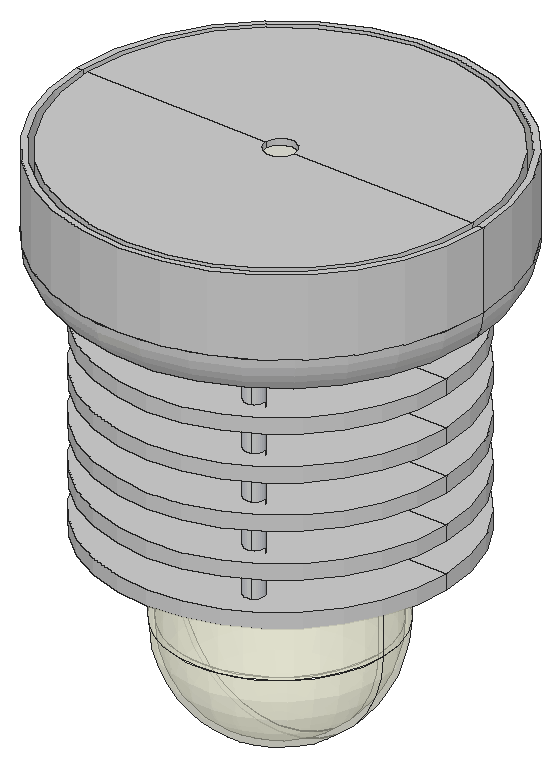
Revit family "LF1", category Lighting Fixtures, Revit 2024
Family settings
  Round Connector Dimension = Use Diameter
  Part Type = Normal
  OmniClass Number = 23.80.70.00
  OmniClass Title = Lighting
  Work Plane-Based = No
  Always vertical = Yes
  Cut with Voids When Loaded = No
  Light Source = No
  Maintain Annotation Orientation = No
  Shared = No
  Room Calculation Point = No
Parameters
  Default Elevation = 0' - 0"
Reference planes (in)
  plane 1 "Light Source Axis (F/B)": y = 0
  plane 2: z = 0
  plane 3 "Light Source Axis (L/R)": x = 0
  plane 4 "Light Source Elevation": z = 54
Forms (in)
  Revolve 1, solid, material "49"
    sketch origin (0, 0, 0) x (1, 0, 0) y (0, 0, 1)
      loop
        arc (-3.5, 61.69262) -> (-3.28033, 61.16229) -> (-2.75, 60.94262) r 0.75
        line (-2.75, 60.94262) -> (-1.78125, 60.94262) -> (-1.78125, 61.03637) -> (-2.75, 61.03637)
        arc (-2.75, 61.03637) -> (-3.21404, 61.22858) -> (-3.40625, 61.69262) r 0.65625
        line (-3.40625, 61.69262) -> (-3.40625, 63) -> (-3.5, 63) -> (-3.5, 61.69262)
      loop
        line (-2.8614, 60.19262) -> (-1.97375, 60.19262) -> (-1.97375, 60.44262) -> (-2.8614, 60.44262) -> (-2.8614, 60.19262)
      loop
        line (-2.8614, 59.69262) -> (-2.8614, 59.44262) -> (-1.97375, 59.44262) -> (-1.97375, 59.69262) -> (-2.8614, 59.69262)
      loop
        line (-2.8614, 58.69262) -> (-1.97375, 58.69262) -> (-1.97375, 58.94262) -> (-2.8614, 58.94262) -> (-2.8614, 58.69262)
      loop
        line (-2.8614, 57.94262) -> (-1.97375, 57.94262) -> (-1.97375, 58.19262) -> (-2.8614, 58.19262) -> (-2.8614, 57.94262)
      loop
        line (-2.8614, 57.19262) -> (-1.97375, 57.19262) -> (-1.97375, 57.44262) -> (-2.8614, 57.44262) -> (-2.8614, 57.19262)
      loop
        line (-3.3125, 61.69262) -> (-3.21875, 61.69262) -> (-3.21875, 62.90625) -> (-0.25, 62.90625) -> (-0.25, 63) -> (-3.3125, 63) -> (-3.3125, 61.69262)
      axis (0, 63) -> (0, 57.19262)
    angle from 0 to 360
  Revolve 2, solid, material "VAPOR GLASS"
    sketch origin (0, 0, 0) x (1, 0, 0) y (0, 0, 1)
      loop
        arc (-1.78096, 55.78096) -> (-1.25933, 54.52163) -> (0, 54) r 1.78096
        line (0, 54) -> (0, 54.09375)
        arc (0, 54.09375) -> (-1.19304, 54.58792) -> (-1.68721, 55.78096) r 1.68721
        line (-1.68721, 55.78096) -> (-1.68721, 61.28096) -> (-1.78096, 61.28096) -> (-1.78096, 55.78096)
      axis (0, 61.28096) -> (0, 54)
    angle from 0 to 360
  Revolve 3, solid
    sketch origin (0, 0, 0) x (1, 0, 0) y (0, 0, 1)
      loop
        line (-2.51133, 57.44262) -> (-2.34711, 57.44262) -> (-2.34711, 60.94262) -> (-2.51133, 60.94262) -> (-2.51133, 57.44262)
      axis (-2.34711, 60.94262) -> (-2.34711, 57.44262)
    angle from 0 to 360
  Revolve 4, solid
    sketch origin (0, 0, 0) x (-0.5, -0.866025, 0) y (0, 0, 1)
      loop
        line (-2.51133, 57.44262) -> (-2.34711, 57.44262) -> (-2.34711, 60.94262) -> (-2.51133, 60.94262) -> (-2.51133, 57.44262)
      axis (-2.34711, 60.94262) -> (-2.34711, 57.44262)
    angle from 0 to 360
  Revolve 5, solid
    sketch origin (0, 0, 0) x (-0.5, 0.866025, 0) y (0, 0, 1)
      loop
        line (-2.51133, 57.44262) -> (-2.34711, 57.44262) -> (-2.34711, 60.94262) -> (-2.51133, 60.94262) -> (-2.51133, 57.44262)
      axis (-2.34711, 60.94262) -> (-2.34711, 57.44262)
    angle from 0 to 360
Dimensions and locks (in)
  aligned and locked: level to plane 2
